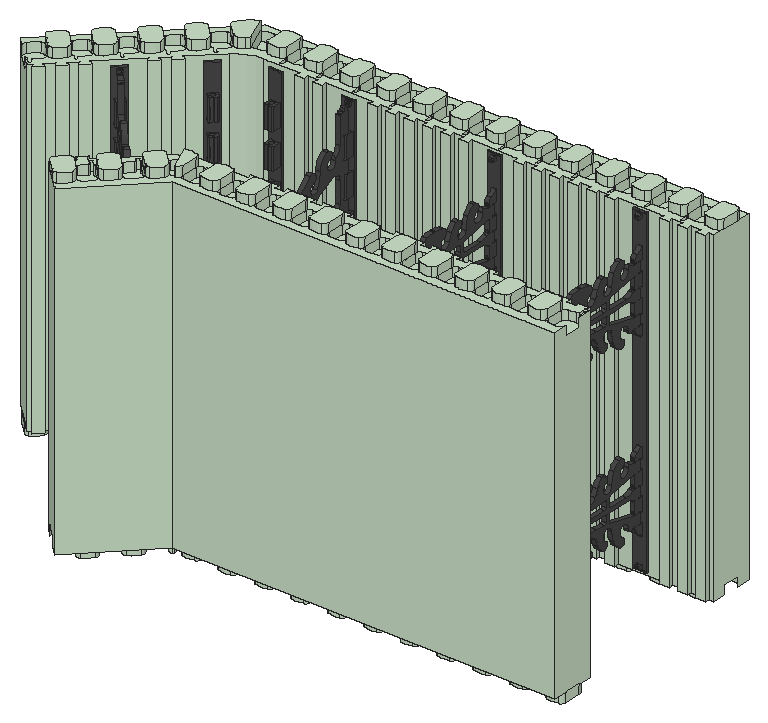
Revit family (continued)
Definition of nested family "8-inch Web"
  Forms (mm)
    Extrusion 1, solid, material "Polypropylene"
      sketch origin (0, 0, -12.7) x (0, 1, 0) y (0, 0, 1)
        loop
          line (-95.969, 92.724) -> (-97.423, 92.724) -> (-97.423, 90.946) -> (-94.509, 90.946)
          arc (-94.509, 90.946) -> (-72.674, 96.007) -> (-50.693, 100.384) r 717.627
          arc (-50.693, 100.384) -> (-49.199, 101.256) -> (-48.61, 102.883) r 2.54
          line (-48.61, 102.883) -> (-48.61, 112.656)
          arc (-48.61, 112.656) -> (-49.353, 114.451) -> (-51.148, 115.196) r 2.54
          line (-51.148, 115.196) -> (-80.47, 115.215)
          arc (-80.47, 115.215) -> (-86.338, 114.181) -> (-91.877, 111.986) r 29.457
        loop
          line (-94.509, 144.286) -> (-97.423, 144.286) -> (-97.423, 142.508) -> (-95.969, 142.508)
          arc (-95.969, 142.508) -> (-94.847, 142.044) -> (-94.382, 140.921) r 1.588
          line (-94.382, 140.921) -> (-94.382, 127.332)
          arc (-94.382, 127.332) -> (-94.847, 126.209) -> (-95.969, 125.744) r 1.588
          line (-95.969, 125.744) -> (-97.423, 125.744) -> (-97.423, 123.966) -> (-94.509, 123.966)
          arc (-94.509, 123.966) -> (-93.148, 123.771) -> (-91.877, 123.247) r 5.556
          arc (-91.877, 123.247) -> (-86.338, 121.052) -> (-80.47, 120.018) r 29.457
          line (-80.47, 120.018) -> (-51.148, 120.018)
          arc (-51.148, 120.018) -> (-49.353, 120.782) -> (-48.61, 122.577) r 2.54
          line (-48.61, 122.577) -> (-48.61, 132.35)
          arc (-48.61, 132.35) -> (-49.199, 133.977) -> (-50.693, 134.849) r 2.54
          arc (-50.693, 134.849) -> (-72.674, 139.226) -> (-94.509, 144.286) r 717.627
        loop
          arc (-41.723, 101.963) -> (-34.623, 102.965) -> (-27.46, 103.292) r 75.792
          line (-27.46, 103.292) -> (-11.029, 103.292)
          arc (-11.029, 103.292) -> (-5.078, 109.244) -> (-11.029, 115.196) r 5.952
          line (-11.029, 115.196) -> (-42.196, 115.196)
          arc (-42.196, 115.196) -> (-43.992, 114.452) -> (-44.736, 112.656) r 2.54
          line (-44.736, 112.656) -> (-44.736, 104.459)
          arc (-44.736, 104.459) -> (-43.816, 102.502) -> (-41.723, 101.963) r 2.54
        loop
          arc (-41.723, 133.27) -> (-43.816, 132.73) -> (-44.736, 130.774) r 2.54
          line (-44.736, 130.774) -> (-44.736, 122.577)
          arc (-44.736, 122.577) -> (-43.992, 120.781) -> (-42.196, 120.037) r 2.54
          line (-42.196, 120.037) -> (-11.029, 120.037)
          arc (-11.029, 120.037) -> (-5.078, 125.989) -> (-11.029, 131.941) r 5.952
          line (-11.029, 131.941) -> (-27.46, 131.941)
          arc (-27.46, 131.941) -> (-34.623, 132.267) -> (-41.723, 133.27) r 75.792
      from -3.175 to 3.175
    Extrusion 2, solid, material "Polypropylene"
      sketch origin (0, 0, 0) x (0, 1, 0) y (0, 0, 1)
        loop
          line (106.299, 452.438) -> (106.299, 4.762)
          arc (106.299, 4.762) -> (106.787, 3.618) -> (107.95, 3.176) r 1.588
          arc (107.95, 3.176) -> (109.113, 3.618) -> (109.601, 4.762) r 1.588
          line (109.601, 4.762) -> (109.601, 452.437)
          arc (109.601, 452.437) -> (109.113, 453.582) -> (107.95, 454.024) r 1.588
          arc (107.95, 454.024) -> (106.787, 453.582) -> (106.299, 452.438) r 1.588
        loop
          arc (-106.299, 452.438) -> (-106.787, 453.582) -> (-107.95, 454.024) r 1.588
          arc (-107.95, 454.024) -> (-109.113, 453.582) -> (-109.601, 452.437) r 1.588
          line (-109.601, 452.437) -> (-109.601, 4.762)
          arc (-109.601, 4.762) -> (-109.113, 3.618) -> (-107.95, 3.176) r 1.588
          arc (-107.95, 3.176) -> (-106.787, 3.618) -> (-106.299, 4.762) r 1.588
          line (-106.299, 4.762) -> (-106.299, 452.438)
      from -9.227 to 9.227
Definition of nested family "8-inch Insert Web"
  Reference planes
    plane 1 "Center (Front/Back)": y = 0
    plane 2: z = 0
    plane 3 "Center (Left/Right)": x = 0
  Forms (mm)
    Extrusion 1, solid, material "High Density Polystyrene"
      sketch origin (0, 0, 0) x (0, 1, 0) y (0, 0, 1)
        loop
          line (107.95, 0) -> (107.95, 450.744)
          arc (107.95, 450.744) -> (107.217, 450.243) -> (106.934, 449.4) r 1.397
          line (106.934, 449.4) -> (106.934, 1.344)
          arc (106.934, 1.344) -> (107.217, 0.502) -> (107.95, 0) r 1.397
        loop
          arc (-107.95, 0) -> (-107.217, 0.502) -> (-106.934, 1.344) r 1.397
          line (-106.934, 1.344) -> (-106.934, 449.4)
          arc (-106.934, 449.4) -> (-107.217, 450.243) -> (-107.95, 450.744) r 1.397
          line (-107.95, 450.744) -> (-107.95, 0)
      from 9.227 to -9.227
    Extrusion 2, solid, material "High Density Polystyrene"
      sketch origin (0, 0, 0) x (0, 1, 0) y (0, 0, 1)
        loop
          arc (106.398, 442.16) -> (106.775, 442.021) -> (106.934, 441.652) r 0.508
          line (106.934, 441.652) -> (106.934, 447.972)
          arc (106.934, 447.972) -> (106.829, 447.585) -> (106.542, 447.306) r 0.762
          line (106.542, 447.306) -> (104.786, 446.33)
          arc (104.786, 446.33) -> (104.499, 446.05) -> (104.394, 445.664) r 0.762
          line (104.394, 445.664) -> (104.394, 442.585)
          arc (104.394, 442.585) -> (104.553, 442.216) -> (104.93, 442.078) r 0.508
          line (104.93, 442.078) -> (106.398, 442.16)
        loop
          line (-104.786, 446.33) -> (-106.542, 447.306)
          arc (-106.542, 447.306) -> (-106.829, 447.585) -> (-106.934, 447.972) r 0.762
          line (-106.934, 447.972) -> (-106.934, 441.652)
          arc (-106.934, 441.652) -> (-106.775, 442.021) -> (-106.398, 442.16) r 0.508
          line (-106.398, 442.16) -> (-104.93, 442.078)
          arc (-104.93, 442.078) -> (-104.553, 442.216) -> (-104.394, 442.585) r 0.508
          line (-104.394, 442.585) -> (-104.394, 445.664)
          arc (-104.394, 445.664) -> (-104.499, 446.05) -> (-104.786, 446.33) r 0.762
        loop
          line (106.398, 8.585) -> (104.93, 8.666)
          arc (104.93, 8.666) -> (104.553, 8.528) -> (104.394, 8.159) r 0.508
          line (104.394, 8.159) -> (104.394, 5.08)
          arc (104.394, 5.08) -> (104.499, 4.694) -> (104.786, 4.414) r 0.762
          line (104.786, 4.414) -> (106.542, 3.439)
          arc (106.542, 3.439) -> (106.829, 3.159) -> (106.934, 2.772) r 0.762
          line (106.934, 2.772) -> (106.934, 9.092)
          arc (106.934, 9.092) -> (106.775, 8.723) -> (106.398, 8.585) r 0.508
        loop
          arc (-104.786, 4.414) -> (-104.499, 4.694) -> (-104.394, 5.08) r 0.762
          line (-104.394, 5.08) -> (-104.394, 8.159)
          arc (-104.394, 8.159) -> (-104.553, 8.528) -> (-104.93, 8.666) r 0.508
          line (-104.93, 8.666) -> (-106.398, 8.585)
          arc (-106.398, 8.585) -> (-106.775, 8.723) -> (-106.934, 9.092) r 0.508
          line (-106.934, 9.092) -> (-106.934, 2.772)
          arc (-106.934, 2.772) -> (-106.829, 3.159) -> (-106.542, 3.439) r 0.762
          line (-106.542, 3.439) -> (-104.786, 4.414)
        loop
          line (101.6, 437.076) -> (99.695, 442.918)
          arc (99.695, 442.918) -> (98.425, 443.68) -> (97.155, 442.918) r 1.439
          line (97.155, 442.918) -> (95.913, 439.108) -> (92.683, 439.108)
          arc (92.683, 439.108) -> (91.804, 438.744) -> (91.44, 437.865) r 1.243
          line (91.44, 437.865) -> (91.44, 437.076) -> (88.9, 437.076) -> (88.9, 400.201)
          arc (88.9, 400.201) -> (87.144, 393.421) -> (82.318, 388.345) r 13.97
          arc (82.318, 388.345) -> (81.085, 386.915) -> (80.881, 385.039) r 3.175
          arc (80.881, 385.039) -> (69.576, 376.743) -> (70.402, 390.741) r 7.747
          arc (70.402, 390.741) -> (73.514, 398.005) -> (66.25, 401.117) r 5.588
          arc (66.25, 401.117) -> (57.259, 393.619) -> (54.399, 382.266) r 18.923
          arc (54.399, 382.266) -> (53.291, 371.727) -> (50.021, 361.646) r 50.8
          arc (50.021, 361.646) -> (37.344, 361.552) -> (41.55, 373.51) r 7.747
          arc (41.55, 373.51) -> (45.434, 381.929) -> (36.511, 384.447) r 6.096
          line (36.511, 384.447) -> (13.47, 361.407)
          arc (13.47, 361.407) -> (0, 355.827) -> (-13.47, 361.407) r 19.05
          line (-13.47, 361.407) -> (-36.511, 384.447)
          arc (-36.511, 384.447) -> (-45.434, 381.929) -> (-41.55, 373.51) r 6.096
          arc (-41.55, 373.51) -> (-37.344, 361.552) -> (-50.021, 361.646) r 7.747
          arc (-50.021, 361.646) -> (-53.291, 371.727) -> (-54.399, 382.266) r 50.8
          arc (-54.399, 382.266) -> (-57.259, 393.619) -> (-66.25, 401.117) r 18.923
          arc (-66.25, 401.117) -> (-73.514, 398.005) -> (-70.402, 390.741) r 5.588
          arc (-70.402, 390.741) -> (-69.576, 376.743) -> (-80.881, 385.039) r 7.747
          arc (-80.881, 385.039) -> (-81.085, 386.915) -> (-82.318, 388.345) r 3.175
          arc (-82.318, 388.345) -> (-87.144, 393.421) -> (-88.9, 400.201) r 13.97
          line (-88.9, 400.201) -> (-88.9, 437.076) -> (-91.44, 437.076) -> (-91.44, 437.865)
          arc (-91.44, 437.865) -> (-91.804, 438.744) -> (-92.683, 439.108) r 1.243
          line (-92.683, 439.108) -> (-95.913, 439.108) -> (-97.155, 442.918)
          arc (-97.155, 442.918) -> (-98.425, 443.68) -> (-99.695, 442.918) r 1.439
          line (-99.695, 442.918) -> (-101.6, 437.076) -> (-101.6, 16.896) -> (-99.695, 11.054)
          arc (-99.695, 11.054) -> (-98.425, 10.292) -> (-97.155, 11.054) r 1.439
          line (-97.155, 11.054) -> (-95.913, 14.864) -> (-92.683, 14.864)
          arc (-92.683, 14.864) -> (-91.804, 15.228) -> (-91.44, 16.107) r 1.243
          line (-91.44, 16.107) -> (-91.44, 16.896) -> (-88.9, 16.896) -> (-88.9, 56.999)
          arc (-88.9, 56.999) -> (-87.144, 63.779) -> (-82.318, 68.855) r 13.97
          arc (-82.318, 68.855) -> (-81.085, 70.285) -> (-80.881, 72.161) r 3.175
          arc (-80.881, 72.161) -> (-69.576, 80.457) -> (-70.402, 66.459) r 7.747
          arc (-70.402, 66.459) -> (-73.514, 59.195) -> (-66.25, 56.083) r 5.588
          arc (-66.25, 56.083) -> (-57.259, 63.581) -> (-54.399, 74.934) r 18.923
          arc (-54.399, 74.934) -> (-53.291, 85.473) -> (-50.021, 95.554) r 50.8
          arc (-50.021, 95.554) -> (-37.344, 95.648) -> (-41.55, 83.69) r 7.747
          arc (-41.55, 83.69) -> (-45.434, 75.271) -> (-36.511, 72.753) r 6.096
          line (-36.511, 72.753) -> (-13.47, 95.793)
          arc (-13.47, 95.793) -> (0, 101.373) -> (13.47, 95.793) r 19.05
          line (13.47, 95.793) -> (36.511, 72.753)
          arc (36.511, 72.753) -> (45.434, 75.271) -> (41.55, 83.69) r 6.096
          arc (41.55, 83.69) -> (37.344, 95.648) -> (50.021, 95.554) r 7.747
          arc (50.021, 95.554) -> (53.291, 85.473) -> (54.399, 74.934) r 50.8
          arc (54.399, 74.934) -> (57.259, 63.581) -> (66.25, 56.083) r 18.923
          arc (66.25, 56.083) -> (73.514, 59.195) -> (70.402, 66.459) r 5.588
          arc (70.402, 66.459) -> (69.576, 80.457) -> (80.881, 72.161) r 7.747
          arc (80.881, 72.161) -> (81.085, 70.285) -> (82.318, 68.855) r 3.175
          arc (82.318, 68.855) -> (87.144, 63.779) -> (88.9, 56.999) r 13.97
          line (88.9, 56.999) -> (88.9, 16.896) -> (91.44, 16.896) -> (91.44, 16.107)
          arc (91.44, 16.107) -> (91.804, 15.228) -> (92.683, 14.864) r 1.243
          line (92.683, 14.864) -> (95.913, 14.864) -> (97.155, 11.054)
          arc (97.155, 11.054) -> (98.425, 10.292) -> (99.695, 11.054) r 1.439
          line (99.695, 11.054) -> (101.6, 16.896) -> (101.6, 437.076)
        loop
          line (75.338, 365.319) -> (53.037, 354.882)
          arc (53.037, 354.882) -> (47.704, 350.196) -> (45.72, 343.38) r 12.7
          line (45.72, 343.38) -> (45.72, 332.943)
          arc (45.72, 332.943) -> (49.44, 323.962) -> (58.42, 320.243) r 12.7
          line (58.42, 320.243) -> (82.55, 320.243)
          arc (82.55, 320.243) -> (87.04, 322.103) -> (88.9, 326.593) r 6.35
          line (88.9, 326.593) -> (88.9, 356.692)
          arc (88.9, 356.692) -> (84.487, 364.729) -> (75.338, 365.319) r 9.525
        loop
          line (40.64, 329.768) -> (40.64, 340.162)
          arc (40.64, 340.162) -> (37.629, 345.093) -> (33.051, 348.618) r 15.855
          arc (33.051, 348.618) -> (29.537, 348.292) -> (26.01, 348.183) r 57.15
          line (26.01, 348.183) -> (0, 348.183) -> (-26.01, 348.183)
          arc (-26.01, 348.183) -> (-29.537, 348.292) -> (-33.051, 348.618) r 57.15
          arc (-33.051, 348.618) -> (-37.629, 345.093) -> (-40.64, 340.162) r 15.855
          line (-40.64, 340.162) -> (-40.64, 329.768)
          arc (-40.64, 329.768) -> (-36.952, 323.93) -> (-31.115, 320.243) r 15.684
          line (-31.115, 320.243) -> (0, 320.243) -> (31.115, 320.243)
          arc (31.115, 320.243) -> (36.952, 323.93) -> (40.64, 329.768) r 15.684
        loop
          line (-53.037, 354.882) -> (-75.338, 365.319)
          arc (-75.338, 365.319) -> (-84.487, 364.729) -> (-88.9, 356.692) r 9.525
          line (-88.9, 356.692) -> (-88.9, 326.593)
          arc (-88.9, 326.593) -> (-87.04, 322.103) -> (-82.55, 320.243) r 6.35
          line (-82.55, 320.243) -> (-58.42, 320.243)
          arc (-58.42, 320.243) -> (-49.44, 323.962) -> (-45.72, 332.943) r 12.7
          line (-45.72, 332.943) -> (-45.72, 340.735) -> (-45.72, 343.38)
          arc (-45.72, 343.38) -> (-47.704, 350.196) -> (-53.037, 354.882) r 12.7
        loop
          arc (75.338, 270.594) -> (84.487, 271.184) -> (88.9, 279.221) r 9.525
          line (88.9, 279.221) -> (88.9, 309.321)
          arc (88.9, 309.321) -> (87.04, 313.811) -> (82.55, 315.671) r 6.35
          line (82.55, 315.671) -> (58.42, 315.671)
          arc (58.42, 315.671) -> (49.44, 311.951) -> (45.72, 302.971) r 12.7
          line (45.72, 302.971) -> (45.72, 292.534)
          arc (45.72, 292.534) -> (47.704, 285.717) -> (53.037, 281.031) r 12.7
          line (53.037, 281.031) -> (75.338, 270.594)
        loop
          arc (40.64, 306.146) -> (36.952, 311.983) -> (31.115, 315.671) r 15.684
          line (31.115, 315.671) -> (0, 315.671) -> (-31.115, 315.671)
          arc (-31.115, 315.671) -> (-36.952, 311.983) -> (-40.64, 306.146) r 15.684
          line (-40.64, 306.146) -> (-40.64, 295.751)
          arc (-40.64, 295.751) -> (-37.629, 290.82) -> (-33.051, 287.295) r 15.855
          arc (-33.051, 287.295) -> (-29.537, 287.622) -> (-26.01, 287.731) r 57.15
          line (-26.01, 287.731) -> (0, 287.731) -> (26.01, 287.731)
          arc (26.01, 287.731) -> (29.537, 287.622) -> (33.051, 287.295) r 57.15
          arc (33.051, 287.295) -> (37.629, 290.82) -> (40.64, 295.751) r 15.855
          line (40.64, 295.751) -> (40.64, 306.146)
        loop
          arc (-53.037, 281.031) -> (-47.704, 285.717) -> (-45.72, 292.534) r 12.7
          line (-45.72, 292.534) -> (-45.72, 295.178) -> (-45.72, 302.971)
          arc (-45.72, 302.971) -> (-49.44, 311.951) -> (-58.42, 315.671) r 12.7
          line (-58.42, 315.671) -> (-82.55, 315.671)
          arc (-82.55, 315.671) -> (-87.04, 313.811) -> (-88.9, 309.321) r 6.35
          line (-88.9, 309.321) -> (-88.9, 279.221)
          arc (-88.9, 279.221) -> (-84.487, 271.184) -> (-75.338, 270.594) r 9.525
          line (-75.338, 270.594) -> (-53.037, 281.031)
        loop
          line (81.583, 262.614) -> (49.625, 277.57)
          arc (49.625, 277.57) -> (37.808, 281.595) -> (25.4, 282.958) r 57.15
          line (25.4, 282.958) -> (0, 282.958) -> (-25.4, 282.958)
          arc (-25.4, 282.958) -> (-37.808, 281.595) -> (-49.625, 277.57) r 57.15
          line (-49.625, 277.57) -> (-81.583, 262.614)
          arc (-81.583, 262.614) -> (-86.916, 257.927) -> (-88.9, 251.111) r 12.7
          line (-88.9, 251.111) -> (-88.9, 236.534) -> (-85.852, 231.454) -> (-85.852, 228.6) -> (-85.852, 225.746) -> (-88.9, 220.666) -> (-88.9, 206.089)
          arc (-88.9, 206.089) -> (-86.916, 199.273) -> (-81.583, 194.586) r 12.7
          line (-81.583, 194.586) -> (-49.625, 179.63)
          arc (-49.625, 179.63) -> (-37.808, 175.605) -> (-25.4, 174.242) r 57.15
          line (-25.4, 174.242) -> (0, 174.242) -> (25.4, 174.242)
          arc (25.4, 174.242) -> (37.808, 175.605) -> (49.625, 179.63) r 57.15
          line (49.625, 179.63) -> (81.583, 194.586)
          arc (81.583, 194.586) -> (86.916, 199.273) -> (88.9, 206.089) r 12.7
          line (88.9, 206.089) -> (88.9, 220.666) -> (85.852, 225.746) -> (85.852, 228.6) -> (85.852, 231.454) -> (88.9, 236.534) -> (88.9, 251.111)
          arc (88.9, 251.111) -> (86.916, 257.927) -> (81.583, 262.614) r 12.7
        loop
          arc (75.338, 91.881) -> (84.487, 92.471) -> (88.9, 100.508) r 9.525
          line (88.9, 100.508) -> (88.9, 130.607)
          arc (88.9, 130.607) -> (87.04, 135.097) -> (82.55, 136.957) r 6.35
          line (82.55, 136.957) -> (58.42, 136.957)
          arc (58.42, 136.957) -> (49.44, 133.238) -> (45.72, 124.257) r 12.7
          line (45.72, 124.257) -> (45.72, 113.82)
          arc (45.72, 113.82) -> (47.704, 107.004) -> (53.037, 102.318) r 12.7
          line (53.037, 102.318) -> (75.338, 91.881)
        loop
          arc (40.64, 127.432) -> (36.952, 133.27) -> (31.115, 136.957) r 15.684
          line (31.115, 136.957) -> (0, 136.957) -> (-31.115, 136.957)
          arc (-31.115, 136.957) -> (-36.952, 133.27) -> (-40.64, 127.432) r 15.684
          line (-40.64, 127.432) -> (-40.64, 117.038)
          arc (-40.64, 117.038) -> (-37.629, 112.107) -> (-33.051, 108.582) r 15.855
          arc (-33.051, 108.582) -> (-29.537, 108.908) -> (-26.01, 109.017) r 57.15
          line (-26.01, 109.017) -> (0, 109.017) -> (26.01, 109.017)
          arc (26.01, 109.017) -> (29.537, 108.908) -> (33.051, 108.582) r 57.15
          arc (33.051, 108.582) -> (37.629, 112.107) -> (40.64, 117.038) r 15.855
          line (40.64, 117.038) -> (40.64, 127.432)
        loop
          arc (-53.037, 102.318) -> (-47.704, 107.004) -> (-45.72, 113.82) r 12.7
          line (-45.72, 113.82) -> (-45.72, 116.465) -> (-45.72, 124.257)
          arc (-45.72, 124.257) -> (-49.44, 133.238) -> (-58.42, 136.957) r 12.7
          line (-58.42, 136.957) -> (-82.55, 136.957)
          arc (-82.55, 136.957) -> (-87.04, 135.097) -> (-88.9, 130.607) r 6.35
          line (-88.9, 130.607) -> (-88.9, 100.508)
          arc (-88.9, 100.508) -> (-84.487, 92.471) -> (-75.338, 91.881) r 9.525
          line (-75.338, 91.881) -> (-53.037, 102.318)
        loop
          line (75.338, 186.606) -> (53.037, 176.169)
          arc (53.037, 176.169) -> (47.704, 171.483) -> (45.72, 164.666) r 12.7
          line (45.72, 164.666) -> (45.72, 154.229)
          arc (45.72, 154.229) -> (49.44, 145.249) -> (58.42, 141.529) r 12.7
          line (58.42, 141.529) -> (82.55, 141.529)
          arc (82.55, 141.529) -> (87.04, 143.389) -> (88.9, 147.879) r 6.35
          line (88.9, 147.879) -> (88.9, 177.979)
          arc (88.9, 177.979) -> (84.487, 186.016) -> (75.338, 186.606) r 9.525
        loop
          line (40.64, 151.054) -> (40.64, 161.449)
          arc (40.64, 161.449) -> (37.629, 166.38) -> (33.051, 169.905) r 15.855
          arc (33.051, 169.905) -> (29.537, 169.578) -> (26.01, 169.469) r 57.15
          line (26.01, 169.469) -> (0, 169.469) -> (-26.01, 169.469)
          arc (-26.01, 169.469) -> (-29.537, 169.578) -> (-33.051, 169.905) r 57.15
          arc (-33.051, 169.905) -> (-37.629, 166.38) -> (-40.64, 161.449) r 15.855
          line (-40.64, 161.449) -> (-40.64, 151.054)
          arc (-40.64, 151.054) -> (-36.952, 145.217) -> (-31.115, 141.529) r 15.684
          line (-31.115, 141.529) -> (0, 141.529) -> (31.115, 141.529)
          arc (31.115, 141.529) -> (36.952, 145.217) -> (40.64, 151.054) r 15.684
        loop
          line (-53.037, 176.169) -> (-75.338, 186.606)
          arc (-75.338, 186.606) -> (-84.487, 186.016) -> (-88.9, 177.979) r 9.525
          line (-88.9, 177.979) -> (-88.9, 147.879)
          arc (-88.9, 147.879) -> (-87.04, 143.389) -> (-82.55, 141.529) r 6.35
          line (-82.55, 141.529) -> (-58.42, 141.529)
          arc (-58.42, 141.529) -> (-49.44, 145.249) -> (-45.72, 154.229) r 12.7
          line (-45.72, 154.229) -> (-45.72, 162.022) -> (-45.72, 164.666)
          arc (-45.72, 164.666) -> (-47.704, 171.483) -> (-53.037, 176.169) r 12.7
      from 3.175 to -3.175
    Extrusion 3, solid, material "High Density Polystyrene"
      sketch origin (0, 0, 0) x (0, 1, 0) y (0, 0, 1)
        loop
          line (106.934, 410.919) -> (94.234, 410.919) -> (94.234, 380.439) -> (106.934, 380.439) -> (106.934, 410.919)
        loop
          line (106.934, 361.389) -> (94.234, 361.389) -> (94.234, 330.909) -> (106.934, 330.909) -> (106.934, 361.389)
        loop
          line (106.934, 311.859) -> (94.234, 311.859) -> (94.234, 281.379) -> (106.934, 281.379) -> (106.934, 311.859)
        loop
          line (106.934, 262.329) -> (94.234, 262.329) -> (94.234, 234.897) -> (106.934, 234.897) -> (106.934, 262.329)
        loop
          line (106.934, 215.847) -> (94.234, 215.847) -> (94.234, 188.415) -> (106.934, 188.415) -> (106.934, 215.847)
        loop
          line (106.934, 169.365) -> (94.234, 169.365) -> (94.234, 138.885) -> (106.934, 138.885) -> (106.934, 169.365)
        loop
          line (106.934, 119.835) -> (94.234, 119.835) -> (94.234, 89.355) -> (106.934, 89.355) -> (106.934, 119.835)
        loop
          line (106.934, 70.305) -> (94.234, 70.305) -> (94.234, 39.825) -> (106.934, 39.825) -> (106.934, 70.305)
        loop
          line (-106.934, 410.919) -> (-106.934, 380.439) -> (-94.234, 380.439) -> (-94.234, 410.919) -> (-106.934, 410.919)
        loop
          line (-106.934, 361.389) -> (-106.934, 330.909) -> (-94.234, 330.909) -> (-94.234, 361.389) -> (-106.934, 361.389)
        loop
          line (-106.934, 311.859) -> (-106.934, 281.379) -> (-94.234, 281.379) -> (-94.234, 311.859) -> (-106.934, 311.859)
        loop
          line (-106.934, 262.329) -> (-106.934, 234.897) -> (-94.234, 234.897) -> (-94.234, 262.329) -> (-106.934, 262.329)
        loop
          line (-106.934, 215.847) -> (-106.934, 188.415) -> (-94.234, 188.415) -> (-94.234, 215.847) -> (-106.934, 215.847)
        loop
          line (-106.934, 169.365) -> (-106.934, 138.885) -> (-94.234, 138.885) -> (-94.234, 169.365) -> (-106.934, 169.365)
        loop
          line (-106.934, 119.835) -> (-106.934, 89.355) -> (-94.234, 89.355) -> (-94.234, 119.835) -> (-106.934, 119.835)
        loop
          line (-106.934, 70.305) -> (-106.934, 39.825) -> (-94.234, 39.825) -> (-94.234, 70.305) -> (-106.934, 70.305)
      from 6.35 to -6.35
    Extrusion 4, void
      sketch origin (0, 25.4, 0) x (1, 0, 0) y (0, 1, 0)
        loop
          line (-6.35, 70.929) -> (-6.35, 68.834) -> (-4.255, 68.834)
          arc (-4.255, 68.834) -> (-5.736, 69.448) -> (-6.35, 70.929) r 2.095
      from 0 to 457.2
    Extrusion 5, void
      sketch origin (0, 25.4, 0) x (-1, 0, 0) y (0, -1, 0)
        loop
          arc (-6.35, -70.929) -> (-5.736, -69.448) -> (-4.255, -68.834) r 2.095
          line (-4.255, -68.834) -> (-6.35, -68.834) -> (-6.35, -70.929)
      from 0 to 457.2
    Extrusion 6, void
      sketch origin (0, -25.4, 0) x (1, 0, 0) y (0, 1, 0)
        loop
          arc (-6.35, -70.929) -> (-5.736, -69.448) -> (-4.255, -68.834) r 2.095
          line (-4.255, -68.834) -> (-6.35, -68.834) -> (-6.35, -70.929)
      from 0 to 457.2
    Extrusion 7, void
      sketch origin (0, -25.4, 0) x (-1, 0, 0) y (0, -1, 0)
        loop
          line (-6.35, 70.929) -> (-6.35, 68.834) -> (-4.255, 68.834)
          arc (-4.255, 68.834) -> (-5.736, 69.448) -> (-6.35, 70.929) r 2.095
      from 0 to 457.2
  Cuts and joins
    Extrusion 4, Extrusion 5, Extrusion 6, Extrusion 7 cuts Extrusion 1
    Extrusion 4, Extrusion 5, Extrusion 6, Extrusion 7 cuts Extrusion 3
Definition of nested family "NUDURA Diamond Pattern"
  Reference planes
    plane 1 "Center (Front/Back)": y = 0
    plane 2: z = 0
    plane 3 "Center (Left/Right)": x = 0
    plane 4: z = 457.2
  Lines and regions (mm)
    model lines
      curve 1: line (203.2, -142.875, 457.2) -> (203.2, -142.875, 0)
      curve 2: line (152.4, -142.875, 457.2) -> (152.4, -142.875, 0)
      curve 3: line (50.8, -142.875, 457.2) -> (50.8, -142.875, 0)
      curve 4: line (85.183, -142.875, 431.415) -> (93.906, -142.875, 422.692)
      curve 5: arc (85.183, -142.875, 444.885) -> (82.394, -142.875, 438.15) -> (85.183, -142.875, 431.415) r 9.525
      curve 6: line (94.708, -142.875, 454.41) -> (85.183, -142.875, 444.885)
      curve 7: arc (108.179, -142.875, 454.41) -> (101.444, -142.875, 457.2) -> (94.708, -142.875, 454.41) r 9.525
      curve 8: line (117.704, -142.875, 444.885) -> (108.179, -142.875, 454.41)
      curve 9: arc (117.704, -142.875, 431.415) -> (120.494, -142.875, 438.15) -> (117.704, -142.875, 444.885) r 9.525
      curve 10: line (108.981, -142.875, 422.692) -> (117.704, -142.875, 431.415)
      curve 11: arc (105.934, -142.875, 452.165) -> (101.444, -142.875, 454.025) -> (96.953, -142.875, 452.165) r 6.35
      curve 12: line (115.459, -142.875, 442.64) -> (105.934, -142.875, 452.165)
      curve 13: arc (115.459, -142.875, 433.66) -> (117.319, -142.875, 438.15) -> (115.459, -142.875, 442.64) r 6.35
      curve 14: line (105.934, -142.875, 424.135) -> (115.459, -142.875, 433.66)
      curve 15: arc (96.953, -142.875, 424.135) -> (101.444, -142.875, 422.275) -> (105.934, -142.875, 424.135) r 6.35
      curve 16: line (87.428, -142.875, 433.66) -> (96.953, -142.875, 424.135)
      curve 17: arc (87.428, -142.875, 442.64) -> (85.569, -142.875, 438.15) -> (87.428, -142.875, 433.66) r 6.35
      curve 18: line (96.953, -142.875, 452.165) -> (87.428, -142.875, 442.64)
      curve 19: arc (93.906, -142.875, 415.508) -> (95.394, -142.875, 419.1) -> (93.906, -142.875, 422.692) r 5.08
      curve 20: line (117.704, -142.875, 406.785) -> (108.981, -142.875, 415.508)
      curve 21: arc (117.704, -142.875, 393.315) -> (120.494, -142.875, 400.05) -> (117.704, -142.875, 406.785) r 9.525
      curve 22: line (108.981, -142.875, 384.592) -> (117.704, -142.875, 393.315)
      curve 23: line (85.183, -142.875, 393.315) -> (93.906, -142.875, 384.592)
      curve 24: arc (85.183, -142.875, 406.785) -> (82.394, -142.875, 400.05) -> (85.183, -142.875, 393.315) r 9.525
      curve 25: line (93.906, -142.875, 415.508) -> (85.183, -142.875, 406.785)
      curve 26: arc (105.934, -142.875, 414.065) -> (101.444, -142.875, 415.925) -> (96.953, -142.875, 414.065) r 6.35
      curve 27: line (96.953, -142.875, 414.065) -> (87.428, -142.875, 404.54)
      curve 28: arc (87.428, -142.875, 404.54) -> (85.569, -142.875, 400.05) -> (87.428, -142.875, 395.56) r 6.35
      curve 29: line (87.428, -142.875, 395.56) -> (96.953, -142.875, 386.035)
      curve 30: arc (96.953, -142.875, 386.035) -> (101.444, -142.875, 384.175) -> (105.934, -142.875, 386.035) r 6.35
      curve 31: line (105.934, -142.875, 386.035) -> (115.459, -142.875, 395.56)
      curve 32: arc (115.459, -142.875, 395.56) -> (117.319, -142.875, 400.05) -> (115.459, -142.875, 404.54) r 6.35
      curve 33: line (115.459, -142.875, 404.54) -> (105.934, -142.875, 414.065)
      curve 34: arc (93.906, -142.875, 377.408) -> (95.394, -142.875, 381) -> (93.906, -142.875, 384.592) r 5.08
      curve 35: line (117.704, -142.875, 368.685) -> (108.981, -142.875, 377.408)
      curve 36: arc (117.704, -142.875, 355.215) -> (120.494, -142.875, 361.95) -> (117.704, -142.875, 368.685) r 9.525
      curve 37: line (108.981, -142.875, 346.492) -> (117.704, -142.875, 355.215)
      curve 38: line (85.183, -142.875, 355.215) -> (93.906, -142.875, 346.492)
      curve 39: arc (85.183, -142.875, 368.685) -> (82.394, -142.875, 361.95) -> (85.183, -142.875, 355.215) r 9.525
      curve 40: line (93.906, -142.875, 377.408) -> (85.183, -142.875, 368.685)
      curve 41: arc (105.934, -142.875, 375.965) -> (101.444, -142.875, 377.825) -> (96.953, -142.875, 375.965) r 6.35
      curve 42: line (96.953, -142.875, 375.965) -> (87.428, -142.875, 366.44)
      curve 43: arc (87.428, -142.875, 366.44) -> (85.569, -142.875, 361.95) -> (87.428, -142.875, 357.46) r 6.35
      curve 44: line (87.428, -142.875, 357.46) -> (96.953, -142.875, 347.935)
      curve 45: arc (96.953, -142.875, 347.935) -> (101.444, -142.875, 346.075) -> (105.934, -142.875, 347.935) r 6.35
      curve 46: line (105.934, -142.875, 347.935) -> (115.459, -142.875, 357.46)
      curve 47: arc (115.459, -142.875, 357.46) -> (117.319, -142.875, 361.95) -> (115.459, -142.875, 366.44) r 6.35
      curve 48: line (115.459, -142.875, 366.44) -> (105.934, -142.875, 375.965)
      curve 49: arc (93.906, -142.875, 339.308) -> (95.394, -142.875, 342.9) -> (93.906, -142.875, 346.492) r 5.08
      curve 50: line (117.704, -142.875, 330.585) -> (108.981, -142.875, 339.308)
      curve 51: arc (117.704, -142.875, 317.115) -> (120.494, -142.875, 323.85) -> (117.704, -142.875, 330.585) r 9.525
      curve 52: line (108.981, -142.875, 308.392) -> (117.704, -142.875, 317.115)
      curve 53: line (85.183, -142.875, 317.115) -> (93.906, -142.875, 308.392)
      curve 54: arc (85.183, -142.875, 330.585) -> (82.394, -142.875, 323.85) -> (85.183, -142.875, 317.115) r 9.525
      curve 55: line (93.906, -142.875, 339.308) -> (85.183, -142.875, 330.585)
      curve 56: arc (105.934, -142.875, 337.865) -> (101.444, -142.875, 339.725) -> (96.953, -142.875, 337.865) r 6.35
      curve 57: line (96.953, -142.875, 337.865) -> (87.428, -142.875, 328.34)
      curve 58: arc (87.428, -142.875, 328.34) -> (85.569, -142.875, 323.85) -> (87.428, -142.875, 319.36) r 6.35
      curve 59: line (87.428, -142.875, 319.36) -> (96.953, -142.875, 309.835)
      curve 60: arc (96.953, -142.875, 309.835) -> (101.444, -142.875, 307.975) -> (105.934, -142.875, 309.835) r 6.35
      curve 61: line (105.934, -142.875, 309.835) -> (115.459, -142.875, 319.36)
      curve 62: arc (115.459, -142.875, 319.36) -> (117.319, -142.875, 323.85) -> (115.459, -142.875, 328.34) r 6.35
      curve 63: line (115.459, -142.875, 328.34) -> (105.934, -142.875, 337.865)
      curve 64: arc (93.906, -142.875, 301.208) -> (95.394, -142.875, 304.8) -> (93.906, -142.875, 308.392) r 5.08
      curve 65: line (117.704, -142.875, 292.485) -> (108.981, -142.875, 301.208)
      curve 66: arc (117.704, -142.875, 279.015) -> (120.494, -142.875, 285.75) -> (117.704, -142.875, 292.485) r 9.525
      curve 67: line (108.981, -142.875, 270.292) -> (117.704, -142.875, 279.015)
      curve 68: line (85.183, -142.875, 279.015) -> (93.906, -142.875, 270.292)
      curve 69: arc (85.183, -142.875, 292.485) -> (82.394, -142.875, 285.75) -> (85.183, -142.875, 279.015) r 9.525
      curve 70: line (93.906, -142.875, 301.208) -> (85.183, -142.875, 292.485)
      curve 71: arc (105.934, -142.875, 299.765) -> (101.444, -142.875, 301.625) -> (96.953, -142.875, 299.765) r 6.35
      curve 72: line (96.953, -142.875, 299.765) -> (87.428, -142.875, 290.24)
      curve 73: arc (87.428, -142.875, 290.24) -> (85.569, -142.875, 285.75) -> (87.428, -142.875, 281.26) r 6.35
      curve 74: line (87.428, -142.875, 281.26) -> (96.953, -142.875, 271.735)
      curve 75: arc (96.953, -142.875, 271.735) -> (101.444, -142.875, 269.875) -> (105.934, -142.875, 271.735) r 6.35
      curve 76: line (105.934, -142.875, 271.735) -> (115.459, -142.875, 281.26)
      curve 77: arc (115.459, -142.875, 281.26) -> (117.319, -142.875, 285.75) -> (115.459, -142.875, 290.24) r 6.35
      curve 78: line (115.459, -142.875, 290.24) -> (105.934, -142.875, 299.765)
      curve 79: arc (93.906, -142.875, 263.108) -> (95.394, -142.875, 266.7) -> (93.906, -142.875, 270.292) r 5.08
      curve 80: line (117.704, -142.875, 254.385) -> (108.981, -142.875, 263.108)
      curve 81: arc (117.704, -142.875, 240.915) -> (120.494, -142.875, 247.65) -> (117.704, -142.875, 254.385) r 9.525
      curve 82: line (108.981, -142.875, 232.192) -> (117.704, -142.875, 240.915)
      curve 83: line (85.183, -142.875, 240.915) -> (93.906, -142.875, 232.192)
      curve 84: arc (85.183, -142.875, 254.385) -> (82.394, -142.875, 247.65) -> (85.183, -142.875, 240.915) r 9.525
      curve 85: line (93.906, -142.875, 263.108) -> (85.183, -142.875, 254.385)
      curve 86: arc (105.934, -142.875, 261.665) -> (101.444, -142.875, 263.525) -> (96.953, -142.875, 261.665) r 6.35
      curve 87: line (96.953, -142.875, 261.665) -> (87.428, -142.875, 252.14)
      curve 88: arc (87.428, -142.875, 252.14) -> (85.569, -142.875, 247.65) -> (87.428, -142.875, 243.16) r 6.35
      curve 89: line (87.428, -142.875, 243.16) -> (96.953, -142.875, 233.635)
      curve 90: arc (96.953, -142.875, 233.635) -> (101.444, -142.875, 231.775) -> (105.934, -142.875, 233.635) r 6.35
      curve 91: line (105.934, -142.875, 233.635) -> (115.459, -142.875, 243.16)
      curve 92: arc (115.459, -142.875, 243.16) -> (117.319, -142.875, 247.65) -> (115.459, -142.875, 252.14) r 6.35
      curve 93: line (115.459, -142.875, 252.14) -> (105.934, -142.875, 261.665)
      curve 94: arc (93.906, -142.875, 225.008) -> (95.394, -142.875, 228.6) -> (93.906, -142.875, 232.192) r 5.08
      curve 95: line (117.704, -142.875, 216.285) -> (108.981, -142.875, 225.008)
      curve 96: arc (117.704, -142.875, 202.815) -> (120.494, -142.875, 209.55) -> (117.704, -142.875, 216.285) r 9.525
      curve 97: line (108.981, -142.875, 194.092) -> (117.704, -142.875, 202.815)
      curve 98: line (85.183, -142.875, 202.815) -> (93.906, -142.875, 194.092)
      curve 99: arc (85.183, -142.875, 216.285) -> (82.394, -142.875, 209.55) -> (85.183, -142.875, 202.815) r 9.525
      curve 100: line (93.906, -142.875, 225.008) -> (85.183, -142.875, 216.285)
      curve 101: arc (105.934, -142.875, 223.565) -> (101.444, -142.875, 225.425) -> (96.953, -142.875, 223.565) r 6.35
      curve 102: line (96.953, -142.875, 223.565) -> (87.428, -142.875, 214.04)
      curve 103: arc (87.428, -142.875, 214.04) -> (85.569, -142.875, 209.55) -> (87.428, -142.875, 205.06) r 6.35
      curve 104: line (87.428, -142.875, 205.06) -> (96.953, -142.875, 195.535)
      curve 105: arc (96.953, -142.875, 195.535) -> (101.444, -142.875, 193.675) -> (105.934, -142.875, 195.535) r 6.35
      curve 106: line (105.934, -142.875, 195.535) -> (115.459, -142.875, 205.06)
      curve 107: arc (115.459, -142.875, 205.06) -> (117.319, -142.875, 209.55) -> (115.459, -142.875, 214.04) r 6.35
      curve 108: line (115.459, -142.875, 214.04) -> (105.934, -142.875, 223.565)
      curve 109: arc (93.906, -142.875, 186.908) -> (95.394, -142.875, 190.5) -> (93.906, -142.875, 194.092) r 5.08
      curve 110: line (117.704, -142.875, 178.185) -> (108.981, -142.875, 186.908)
      curve 111: arc (117.704, -142.875, 164.715) -> (120.494, -142.875, 171.45) -> (117.704, -142.875, 178.185) r 9.525
      curve 112: line (108.981, -142.875, 155.992) -> (117.704, -142.875, 164.715)
      curve 113: line (85.183, -142.875, 164.715) -> (93.906, -142.875, 155.992)
      curve 114: arc (85.183, -142.875, 178.185) -> (82.394, -142.875, 171.45) -> (85.183, -142.875, 164.715) r 9.525
      curve 115: line (93.906, -142.875, 186.908) -> (85.183, -142.875, 178.185)
      curve 116: arc (105.934, -142.875, 185.465) -> (101.444, -142.875, 187.325) -> (96.953, -142.875, 185.465) r 6.35
      curve 117: line (96.953, -142.875, 185.465) -> (87.428, -142.875, 175.94)
      curve 118: arc (87.428, -142.875, 175.94) -> (85.569, -142.875, 171.45) -> (87.428, -142.875, 166.96) r 6.35
      curve 119: line (87.428, -142.875, 166.96) -> (96.953, -142.875, 157.435)
      curve 120: arc (96.953, -142.875, 157.435) -> (101.444, -142.875, 155.575) -> (105.934, -142.875, 157.435) r 6.35
      curve 121: line (105.934, -142.875, 157.435) -> (115.459, -142.875, 166.96)
      curve 122: arc (115.459, -142.875, 166.96) -> (117.319, -142.875, 171.45) -> (115.459, -142.875, 175.94) r 6.35
      curve 123: line (115.459, -142.875, 175.94) -> (105.934, -142.875, 185.465)
      curve 124: arc (93.906, -142.875, 148.808) -> (95.394, -142.875, 152.4) -> (93.906, -142.875, 155.992) r 5.08
      curve 125: line (117.704, -142.875, 140.085) -> (108.981, -142.875, 148.808)
      curve 126: arc (117.704, -142.875, 126.615) -> (120.494, -142.875, 133.35) -> (117.704, -142.875, 140.085) r 9.525
      curve 127: line (108.981, -142.875, 117.892) -> (117.704, -142.875, 126.615)
      curve 128: line (85.183, -142.875, 126.615) -> (93.906, -142.875, 117.892)
      curve 129: arc (85.183, -142.875, 140.085) -> (82.394, -142.875, 133.35) -> (85.183, -142.875, 126.615) r 9.525
      curve 130: line (93.906, -142.875, 148.808) -> (85.183, -142.875, 140.085)
      curve 131: arc (105.934, -142.875, 147.365) -> (101.444, -142.875, 149.225) -> (96.953, -142.875, 147.365) r 6.35
      curve 132: line (96.953, -142.875, 147.365) -> (87.428, -142.875, 137.84)
      curve 133: arc (87.428, -142.875, 137.84) -> (85.569, -142.875, 133.35) -> (87.428, -142.875, 128.86) r 6.35
      curve 134: line (87.428, -142.875, 128.86) -> (96.953, -142.875, 119.335)
      curve 135: arc (96.953, -142.875, 119.335) -> (101.444, -142.875, 117.475) -> (105.934, -142.875, 119.335) r 6.35
      curve 136: line (105.934, -142.875, 119.335) -> (115.459, -142.875, 128.86)
      curve 137: arc (115.459, -142.875, 128.86) -> (117.319, -142.875, 133.35) -> (115.459, -142.875, 137.84) r 6.35
      curve 138: line (115.459, -142.875, 137.84) -> (105.934, -142.875, 147.365)
      curve 139: arc (93.906, -142.875, 110.708) -> (95.394, -142.875, 114.3) -> (93.906, -142.875, 117.892) r 5.08
      curve 140: line (117.704, -142.875, 101.985) -> (108.981, -142.875, 110.708)
      curve 141: arc (117.704, -142.875, 88.515) -> (120.494, -142.875, 95.25) -> (117.704, -142.875, 101.985) r 9.525
      curve 142: line (108.981, -142.875, 79.792) -> (117.704, -142.875, 88.515)
      curve 143: line (85.183, -142.875, 88.515) -> (93.906, -142.875, 79.792)
      curve 144: arc (85.183, -142.875, 101.985) -> (82.394, -142.875, 95.25) -> (85.183, -142.875, 88.515) r 9.525
      curve 145: line (93.906, -142.875, 110.708) -> (85.183, -142.875, 101.985)
      curve 146: arc (105.934, -142.875, 109.265) -> (101.444, -142.875, 111.125) -> (96.953, -142.875, 109.265) r 6.35
      curve 147: line (96.953, -142.875, 109.265) -> (87.428, -142.875, 99.74)
      curve 148: arc (87.428, -142.875, 99.74) -> (85.569, -142.875, 95.25) -> (87.428, -142.875, 90.76) r 6.35
      curve 149: line (87.428, -142.875, 90.76) -> (96.953, -142.875, 81.235)
      curve 150: arc (96.953, -142.875, 81.235) -> (101.444, -142.875, 79.375) -> (105.934, -142.875, 81.235) r 6.35
      curve 151: line (105.934, -142.875, 81.235) -> (115.459, -142.875, 90.76)
      curve 152: arc (115.459, -142.875, 90.76) -> (117.319, -142.875, 95.25) -> (115.459, -142.875, 99.74) r 6.35
      curve 153: line (115.459, -142.875, 99.74) -> (105.934, -142.875, 109.265)
      curve 154: arc (93.906, -142.875, 72.608) -> (95.394, -142.875, 76.2) -> (93.906, -142.875, 79.792) r 5.08
      curve 155: line (117.704, -142.875, 63.885) -> (108.981, -142.875, 72.608)
      curve 156: arc (117.704, -142.875, 50.415) -> (120.494, -142.875, 57.15) -> (117.704, -142.875, 63.885) r 9.525
      curve 157: line (108.981, -142.875, 41.692) -> (117.704, -142.875, 50.415)
      curve 158: line (85.183, -142.875, 50.415) -> (93.906, -142.875, 41.692)
      curve 159: arc (85.183, -142.875, 63.885) -> (82.394, -142.875, 57.15) -> (85.183, -142.875, 50.415) r 9.525
      curve 160: line (93.906, -142.875, 72.608) -> (85.183, -142.875, 63.885)
      curve 161: arc (105.934, -142.875, 71.165) -> (101.444, -142.875, 73.025) -> (96.953, -142.875, 71.165) r 6.35
      curve 162: line (96.953, -142.875, 71.165) -> (87.428, -142.875, 61.64)
      curve 163: arc (87.428, -142.875, 61.64) -> (85.569, -142.875, 57.15) -> (87.428, -142.875, 52.66) r 6.35
      curve 164: line (87.428, -142.875, 52.66) -> (96.953, -142.875, 43.135)
      curve 165: arc (96.953, -142.875, 43.135) -> (101.444, -142.875, 41.275) -> (105.934, -142.875, 43.135) r 6.35
      curve 166: line (105.934, -142.875, 43.135) -> (115.459, -142.875, 52.66)
      curve 167: arc (115.459, -142.875, 52.66) -> (117.319, -142.875, 57.15) -> (115.459, -142.875, 61.64) r 6.35
      curve 168: line (115.459, -142.875, 61.64) -> (105.934, -142.875, 71.165)
      curve 169: arc (93.906, -142.875, 34.508) -> (95.394, -142.875, 38.1) -> (93.906, -142.875, 41.692) r 5.08
      curve 170: line (93.906, -142.875, 34.508) -> (85.183, -142.875, 25.785)
      curve 171: arc (85.183, -142.875, 25.785) -> (82.394, -142.875, 19.05) -> (85.183, -142.875, 12.315) r 9.525
      curve 172: line (85.183, -142.875, 12.315) -> (94.708, -142.875, 2.79)
      curve 173: arc (94.708, -142.875, 2.79) -> (101.444, -142.875, 0) -> (108.179, -142.875, 2.79) r 9.525
      curve 174: line (108.179, -142.875, 2.79) -> (117.704, -142.875, 12.315)
      curve 175: arc (117.704, -142.875, 12.315) -> (120.494, -142.875, 19.05) -> (117.704, -142.875, 25.785) r 9.525
      curve 176: line (117.704, -142.875, 25.785) -> (108.981, -142.875, 34.508)
      curve 177: arc (108.981, -142.875, 41.692) -> (107.493, -142.875, 38.1) -> (108.981, -142.875, 34.508) r 5.08
      curve 178: arc (105.934, -142.875, 33.065) -> (101.444, -142.875, 34.925) -> (96.953, -142.875, 33.065) r 6.35
      curve 179: line (115.459, -142.875, 23.54) -> (105.934, -142.875, 33.065)
      curve 180: arc (115.459, -142.875, 14.56) -> (117.319, -142.875, 19.05) -> (115.459, -142.875, 23.54) r 6.35
      curve 181: line (105.934, -142.875, 5.035) -> (115.459, -142.875, 14.56)
      curve 182: arc (96.953, -142.875, 5.035) -> (101.444, -142.875, 3.175) -> (105.934, -142.875, 5.035) r 6.35
      curve 183: line (87.428, -142.875, 14.56) -> (96.953, -142.875, 5.035)
      curve 184: arc (87.428, -142.875, 23.54) -> (85.569, -142.875, 19.05) -> (87.428, -142.875, 14.56) r 6.35
      curve 185: line (96.953, -142.875, 33.065) -> (87.428, -142.875, 23.54)
      curve 186: arc (108.981, -142.875, 79.792) -> (107.493, -142.875, 76.2) -> (108.981, -142.875, 72.608) r 5.08
      curve 187: arc (108.981, -142.875, 117.892) -> (107.493, -142.875, 114.3) -> (108.981, -142.875, 110.708) r 5.08
      curve 188: arc (108.981, -142.875, 155.992) -> (107.493, -142.875, 152.4) -> (108.981, -142.875, 148.808) r 5.08
      curve 189: arc (108.981, -142.875, 194.092) -> (107.493, -142.875, 190.5) -> (108.981, -142.875, 186.908) r 5.08
      curve 190: arc (108.981, -142.875, 232.192) -> (107.493, -142.875, 228.6) -> (108.981, -142.875, 225.008) r 5.08
      curve 191: arc (108.981, -142.875, 270.292) -> (107.493, -142.875, 266.7) -> (108.981, -142.875, 263.108) r 5.08
      curve 192: arc (108.981, -142.875, 308.392) -> (107.493, -142.875, 304.8) -> (108.981, -142.875, 301.208) r 5.08
      curve 193: arc (108.981, -142.875, 346.492) -> (107.493, -142.875, 342.9) -> (108.981, -142.875, 339.308) r 5.08
      curve 194: arc (108.981, -142.875, 384.592) -> (107.493, -142.875, 381) -> (108.981, -142.875, 377.408) r 5.08
      curve 195: arc (108.981, -142.875, 422.692) -> (107.493, -142.875, 419.1) -> (108.981, -142.875, 415.508) r 5.08
Definition of nested family "NUDURA Logo Diamond"
  Reference planes
    plane 1 "Center (Front/Back)": y = 0
    plane 2: z = 0
    plane 3 "Center (Left/Right)": x = 0
  Lines and regions (mm)
    model lines
      curve 1: line (320.001, 0, 444.526) -> (311.021, 0, 453.507)
      curve 2: line (313.973, 0, 425.925) -> (320.001, 0, 431.954)
      curve 3: line (320.001, 0, 406.426) -> (313.973, 0, 412.455)
      curve 4: line (313.973, 0, 387.825) -> (320.001, 0, 393.854)
      curve 5: line (320.001, 0, 368.326) -> (313.973, 0, 374.355)
      curve 6: line (313.973, 0, 349.725) -> (320.001, 0, 355.754)
      curve 7: line (309.225, 0, 337.411) -> (322.887, 0, 323.749)
      curve 8: line (322.887, 0, 323.749) -> (324.683, 0, 325.545)
      curve 9: line (286.583, 0, 323.749) -> (300.245, 0, 337.411)
      curve 10: line (295.497, 0, 336.255) -> (284.787, 0, 325.545)
      curve 11: line (289.468, 0, 355.754) -> (295.497, 0, 349.725)
      curve 12: line (295.497, 0, 374.355) -> (289.468, 0, 368.326)
      curve 13: line (289.468, 0, 393.854) -> (295.497, 0, 387.825)
      curve 14: line (295.497, 0, 412.455) -> (289.468, 0, 406.426)
      curve 15: line (289.468, 0, 431.954) -> (295.497, 0, 425.925)
      curve 16: line (298.449, 0, 453.507) -> (289.468, 0, 444.526)
      curve 17: line (300.245, 0, 451.711) -> (291.265, 0, 442.73)
      curve 18: line (318.205, 0, 442.73) -> (309.225, 0, 451.711)
      curve 19: line (309.225, 0, 424.77) -> (318.205, 0, 433.75)
      curve 20: line (291.265, 0, 433.75) -> (300.245, 0, 424.77)
      curve 21: arc (289.468, 0, 444.526) -> (286.865, 0, 438.24) -> (289.468, 0, 431.954) r 8.89
      curve 22: arc (298.449, 0, 453.507) -> (304.735, 0, 456.111) -> (311.021, 0, 453.507) r 8.89
      curve 23: arc (291.265, 0, 442.73) -> (289.405, 0, 438.24) -> (291.265, 0, 433.75) r 6.35
      curve 24: arc (318.205, 0, 442.73) -> (320.065, 0, 438.24) -> (318.205, 0, 433.75) r 6.35
      curve 25: arc (309.225, 0, 424.77) -> (304.735, 0, 422.91) -> (300.245, 0, 424.77) r 6.35
      curve 26: arc (300.245, 0, 451.711) -> (304.735, 0, 453.571) -> (309.225, 0, 451.711) r 6.35
      curve 27: arc (320.001, 0, 444.526) -> (322.605, 0, 438.24) -> (320.001, 0, 431.954) r 8.89
      curve 28: arc (295.497, 0, 425.925) -> (298.287, 0, 419.19) -> (295.497, 0, 412.455) r 9.525
      curve 29: arc (313.973, 0, 425.925) -> (311.183, 0, 419.19) -> (313.973, 0, 412.455) r 9.525
      curve 30: line (313.973, 0, 387.825) -> (320.001, 0, 393.854)
      curve 31: line (289.468, 0, 393.854) -> (295.497, 0, 387.825)
      curve 32: line (300.245, 0, 413.611) -> (291.265, 0, 404.63)
      curve 33: line (318.205, 0, 404.63) -> (309.225, 0, 413.611)
      curve 34: line (309.225, 0, 386.67) -> (318.205, 0, 395.65)
      curve 35: line (291.265, 0, 395.65) -> (300.245, 0, 386.67)
      curve 36: arc (289.468, 0, 406.426) -> (286.865, 0, 400.14) -> (289.468, 0, 393.854) r 8.89
      curve 37: arc (291.265, 0, 404.63) -> (289.405, 0, 400.14) -> (291.265, 0, 395.65) r 6.35
      curve 38: arc (318.205, 0, 404.63) -> (320.065, 0, 400.14) -> (318.205, 0, 395.65) r 6.35
      curve 39: arc (309.225, 0, 386.67) -> (304.735, 0, 384.81) -> (300.245, 0, 386.67) r 6.35
      curve 40: arc (300.245, 0, 413.611) -> (304.735, 0, 415.471) -> (309.225, 0, 413.611) r 6.35
      curve 41: arc (320.001, 0, 406.426) -> (322.605, 0, 400.14) -> (320.001, 0, 393.854) r 8.89
      curve 42: line (295.497, 0, 412.455) -> (289.468, 0, 406.426)
      curve 43: line (320.001, 0, 406.426) -> (313.973, 0, 412.455)
      curve 44: arc (295.497, 0, 387.825) -> (298.287, 0, 381.09) -> (295.497, 0, 374.355) r 9.525
      curve 45: arc (313.973, 0, 387.825) -> (311.183, 0, 381.09) -> (313.973, 0, 374.355) r 9.525
      curve 46: line (313.973, 0, 349.725) -> (320.001, 0, 355.754)
      curve 47: line (289.468, 0, 355.754) -> (295.497, 0, 349.725)
      curve 48: line (300.245, 0, 375.511) -> (291.265, 0, 366.53)
      curve 49: line (318.205, 0, 366.53) -> (309.225, 0, 375.511)
      curve 50: line (309.225, 0, 348.57) -> (318.205, 0, 357.55)
      curve 51: line (291.265, 0, 357.55) -> (300.245, 0, 348.57)
      curve 52: arc (289.468, 0, 368.326) -> (286.865, 0, 362.04) -> (289.468, 0, 355.754) r 8.89
      curve 53: arc (291.265, 0, 366.53) -> (289.405, 0, 362.04) -> (291.265, 0, 357.55) r 6.35
      curve 54: arc (318.205, 0, 366.53) -> (320.065, 0, 362.04) -> (318.205, 0, 357.55) r 6.35
      curve 55: arc (309.225, 0, 348.57) -> (304.735, 0, 346.71) -> (300.245, 0, 348.57) r 6.35
      curve 56: arc (300.245, 0, 375.511) -> (304.735, 0, 377.371) -> (309.225, 0, 375.511) r 6.35
      curve 57: arc (320.001, 0, 368.326) -> (322.605, 0, 362.04) -> (320.001, 0, 355.754) r 8.89
      curve 58: line (295.497, 0, 374.355) -> (289.468, 0, 368.326)
      curve 59: arc (295.497, 0, 349.725) -> (298.287, 0, 342.99) -> (295.497, 0, 336.255) r 9.525
      curve 60: arc (313.973, 0, 349.725) -> (311.183, 0, 342.99) -> (313.973, 0, 336.255) r 9.525
      curve 61: line (324.683, 0, 325.545) -> (313.973, 0, 336.255)
      curve 62: line (284.787, 0, 325.545) -> (286.583, 0, 323.749)
      curve 63: arc (300.245, 0, 337.411) -> (304.735, 0, 339.271) -> (309.225, 0, 337.411) r 6.35
      curve 64: line (320.001, 0, 12.854) -> (311.021, 0, 3.874)
      curve 65: line (313.973, 0, 31.455) -> (320.001, 0, 25.426)
      curve 66: line (320.001, 0, 50.954) -> (313.973, 0, 44.925)
      curve 67: line (313.973, 0, 69.555) -> (320.001, 0, 63.526)
      curve 68: line (320.001, 0, 89.054) -> (313.973, 0, 83.025)
      curve 69: line (313.973, 0, 107.655) -> (320.001, 0, 101.626)
      curve 70: line (309.225, 0, 119.97) -> (322.887, 0, 133.632)
      curve 71: line (322.887, 0, 133.632) -> (324.683, 0, 131.836)
      curve 72: line (286.583, 0, 133.632) -> (300.245, 0, 119.97)
      curve 73: line (295.497, 0, 121.125) -> (284.787, 0, 131.836)
      curve 74: line (289.468, 0, 101.626) -> (295.497, 0, 107.655)
      curve 75: line (295.497, 0, 83.025) -> (289.468, 0, 89.054)
      curve 76: line (289.468, 0, 63.526) -> (295.497, 0, 69.555)
      curve 77: line (295.497, 0, 44.925) -> (289.468, 0, 50.954)
      curve 78: line (289.468, 0, 25.426) -> (295.497, 0, 31.455)
      curve 79: line (298.449, 0, 3.874) -> (289.468, 0, 12.854)
      curve 80: line (300.245, 0, 5.67) -> (291.265, 0, 14.65)
      curve 81: line (318.205, 0, 14.65) -> (309.225, 0, 5.67)
      curve 82: line (309.225, 0, 32.611) -> (318.205, 0, 23.63)
      curve 83: line (291.265, 0, 23.63) -> (300.245, 0, 32.611)
      curve 84: arc (289.468, 0, 12.854) -> (286.865, 0, 19.14) -> (289.468, 0, 25.426) r 8.89
      curve 85: arc (298.449, 0, 3.874) -> (304.735, 0, 1.27) -> (311.021, 0, 3.874) r 8.89
      curve 86: arc (291.265, 0, 14.65) -> (289.405, 0, 19.14) -> (291.265, 0, 23.63) r 6.35
      curve 87: arc (318.205, 0, 14.65) -> (320.065, 0, 19.14) -> (318.205, 0, 23.63) r 6.35
      curve 88: arc (309.225, 0, 32.611) -> (304.735, 0, 34.471) -> (300.245, 0, 32.611) r 6.35
      curve 89: arc (300.245, 0, 5.67) -> (304.735, 0, 3.81) -> (309.225, 0, 5.67) r 6.35
      curve 90: arc (320.001, 0, 12.854) -> (322.605, 0, 19.14) -> (320.001, 0, 25.426) r 8.89
      curve 91: arc (295.497, 0, 31.455) -> (298.287, 0, 38.19) -> (295.497, 0, 44.925) r 9.525
      curve 92: arc (313.973, 0, 31.455) -> (311.183, 0, 38.19) -> (313.973, 0, 44.925) r 9.525
      curve 93: line (313.973, 0, 69.555) -> (320.001, 0, 63.526)
      curve 94: line (289.468, 0, 63.526) -> (295.497, 0, 69.555)
      curve 95: line (300.245, 0, 43.77) -> (291.265, 0, 52.75)
      curve 96: line (318.205, 0, 52.75) -> (309.225, 0, 43.77)
      curve 97: line (309.225, 0, 70.711) -> (318.205, 0, 61.73)
      curve 98: line (291.265, 0, 61.73) -> (300.245, 0, 70.711)
      curve 99: arc (289.468, 0, 50.954) -> (286.865, 0, 57.24) -> (289.468, 0, 63.526) r 8.89
      curve 100: arc (291.265, 0, 52.75) -> (289.405, 0, 57.24) -> (291.265, 0, 61.73) r 6.35
      curve 101: arc (318.205, 0, 52.75) -> (320.065, 0, 57.24) -> (318.205, 0, 61.73) r 6.35
      curve 102: arc (309.225, 0, 70.711) -> (304.735, 0, 72.571) -> (300.245, 0, 70.711) r 6.35
      curve 103: arc (300.245, 0, 43.77) -> (304.735, 0, 41.91) -> (309.225, 0, 43.77) r 6.35
      curve 104: arc (320.001, 0, 50.954) -> (322.605, 0, 57.24) -> (320.001, 0, 63.526) r 8.89
      curve 105: line (295.497, 0, 44.925) -> (289.468, 0, 50.954)
      curve 106: line (320.001, 0, 50.954) -> (313.973, 0, 44.925)
      curve 107: arc (295.497, 0, 69.555) -> (298.287, 0, 76.29) -> (295.497, 0, 83.025) r 9.525
      curve 108: arc (313.973, 0, 69.555) -> (311.183, 0, 76.29) -> (313.973, 0, 83.025) r 9.525
      curve 109: line (313.973, 0, 107.655) -> (320.001, 0, 101.626)
      curve 110: line (289.468, 0, 101.626) -> (295.497, 0, 107.655)
      curve 111: line (300.245, 0, 81.87) -> (291.265, 0, 90.85)
      curve 112: line (318.205, 0, 90.85) -> (309.225, 0, 81.87)
      curve 113: line (309.225, 0, 108.811) -> (318.205, 0, 99.83)
      curve 114: line (291.265, 0, 99.83) -> (300.245, 0, 108.811)
      curve 115: arc (289.468, 0, 89.054) -> (286.865, 0, 95.34) -> (289.468, 0, 101.626) r 8.89
      curve 116: arc (291.265, 0, 90.85) -> (289.405, 0, 95.34) -> (291.265, 0, 99.83) r 6.35
      curve 117: arc (318.205, 0, 90.85) -> (320.065, 0, 95.34) -> (318.205, 0, 99.83) r 6.35
      curve 118: arc (309.225, 0, 108.811) -> (304.735, 0, 110.671) -> (300.245, 0, 108.811) r 6.35
      curve 119: arc (300.245, 0, 81.87) -> (304.735, 0, 80.01) -> (309.225, 0, 81.87) r 6.35
      curve 120: arc (320.001, 0, 89.054) -> (322.605, 0, 95.34) -> (320.001, 0, 101.626) r 8.89
      curve 121: line (295.497, 0, 83.025) -> (289.468, 0, 89.054)
      curve 122: arc (295.497, 0, 107.655) -> (298.287, 0, 114.39) -> (295.497, 0, 121.125) r 9.525
      curve 123: arc (313.973, 0, 107.655) -> (311.183, 0, 114.39) -> (313.973, 0, 121.125) r 9.525
      curve 124: line (324.683, 0, 131.836) -> (313.973, 0, 121.125)
      curve 125: line (284.787, 0, 131.836) -> (286.583, 0, 133.632)
      curve 126: arc (300.245, 0, 119.97) -> (304.735, 0, 118.11) -> (309.225, 0, 119.97) r 6.35
      curve 127: line (314.26, 0, 317.59) -> (295.21, 0, 317.59)
      curve 128: line (323.785, 0, 149.315) -> (323.785, 0, 308.065)
      curve 129: line (285.685, 0, 308.065) -> (285.685, 0, 149.315)
      curve 130: line (295.21, 0, 139.79) -> (314.26, 0, 139.79)
      curve 131: line (316.797, 0, 304.89) -> (305.798, 0, 311.24)
      curve 132: line (316.797, 0, 292.19) -> (316.797, 0, 304.89)
      curve 133: line (311.298, 0, 289.015) -> (316.797, 0, 292.19)
      curve 134: line (305.373, 0, 292.436) -> (311.298, 0, 289.015)
      curve 135: line (310.447, 0, 295.365) -> (305.373, 0, 292.436)
      curve 136: line (299.874, 0, 307.82) -> (310.447, 0, 301.715)
      curve 137: line (310.447, 0, 301.715) -> (310.447, 0, 295.365)
      curve 138: line (305.798, 0, 311.24) -> (299.874, 0, 307.82)
      curve 139: line (299.023, 0, 295.611) -> (304.097, 0, 298.54)
      curve 140: line (304.097, 0, 298.54) -> (298.172, 0, 301.961)
      curve 141: line (298.172, 0, 301.961) -> (292.673, 0, 298.786)
      curve 142: line (292.673, 0, 298.786) -> (292.673, 0, 286.086)
      curve 143: line (299.023, 0, 289.261) -> (299.023, 0, 295.611)
      curve 144: line (309.596, 0, 283.156) -> (299.023, 0, 289.261)
      curve 145: line (303.671, 0, 279.736) -> (309.596, 0, 283.156)
      curve 146: line (292.673, 0, 286.086) -> (303.671, 0, 279.736)
      curve 147: line (312.702, 0, 269.344) -> (296.768, 0, 272.912)
      curve 148: line (296.768, 0, 272.912) -> (296.768, 0, 267.036)
      curve 149: line (296.768, 0, 267.036) -> (308.089, 0, 264.517)
      curve 150: line (308.089, 0, 264.517) -> (296.768, 0, 260.949)
      curve 151: line (296.768, 0, 260.949) -> (296.768, 0, 251.084)
      curve 152: line (296.768, 0, 251.084) -> (309.138, 0, 248.314)
      curve 153: line (309.138, 0, 248.314) -> (309.138, 0, 247.516)
      curve 154: line (309.138, 0, 247.516) -> (301.281, 0, 248.991)
      curve 155: line (296.768, 0, 245.246) -> (296.768, 0, 237.71)
      curve 156: line (306.598, 0, 222.094) -> (306.598, 0, 228.599)
      curve 157: line (306.598, 0, 228.599) -> (296.768, 0, 230.786)
      curve 158: line (296.768, 0, 230.786) -> (296.768, 0, 215.343)
      curve 159: line (302.723, 0, 230.274) -> (312.702, 0, 228.039)
      curve 160: line (300.341, 0, 217.291) -> (300.341, 0, 223.486)
      curve 161: line (300.341, 0, 223.486) -> (306.598, 0, 222.094)
      curve 162: line (296.768, 0, 205.027) -> (296.768, 0, 197.49)
      curve 163: line (302.723, 0, 190.055) -> (310.162, 0, 188.389)
      curve 164: line (310.162, 0, 188.389) -> (310.162, 0, 176.633)
      curve 165: line (308.892, 0, 175.363) -> (307.868, 0, 175.363)
      curve 166: line (306.598, 0, 176.633) -> (306.598, 0, 180.004)
      curve 167: line (306.598, 0, 180.004) -> (307.868, 0, 179.719)
      curve 168: line (307.868, 0, 179.719) -> (307.868, 0, 186.3)
      curve 169: line (307.868, 0, 186.3) -> (296.768, 0, 188.785)
      curve 170: line (296.768, 0, 188.785) -> (296.768, 0, 182.205)
      curve 171: line (296.768, 0, 182.205) -> (304.058, 0, 180.572)
      curve 172: line (304.058, 0, 180.572) -> (304.058, 0, 177.654)
      curve 173: line (302.788, 0, 176.384) -> (296.768, 0, 176.384)
      curve 174: line (296.768, 0, 176.384) -> (296.768, 0, 164.003)
      curve 175: line (296.768, 0, 164.003) -> (299.284, 0, 162.219)
      curve 176: line (299.284, 0, 162.219) -> (299.284, 0, 153.715)
      curve 177: line (307.942, 0, 156.079) -> (301.824, 0, 160.418)
      curve 178: line (301.824, 0, 160.418) -> (301.824, 0, 154.409)
      curve 179: line (301.824, 0, 154.409) -> (307.942, 0, 156.079)
      curve 180: line (299.284, 0, 153.715) -> (296.768, 0, 153.028)
      curve 181: line (296.768, 0, 153.028) -> (296.768, 0, 146.14)
      curve 182: line (296.768, 0, 146.14) -> (312.702, 0, 150.491)
      curve 183: line (312.702, 0, 150.491) -> (312.702, 0, 159.713)
